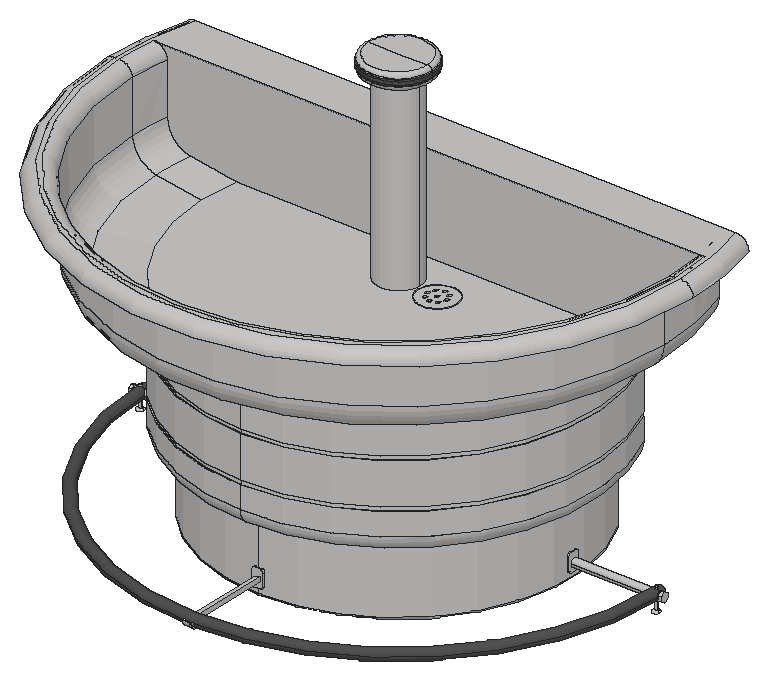
Revit family "Washfountain_Lavatory-Bradley_Corp-WF2704-Type_A_Drain", category Plumbing Fixtures, Revit 2012
Parameters
  Width = 54.000"
  Warranty Information = ""
  WFU = 0
  Voltage = 24 V
  Version = "2.0"
  Vent Radius = Vent / 2  # 3/4"
  Vent = 1 1/2"
  URL = "http://www.bradleycorp.com/"
  Towel Dispenser Holder [instance] = if((Soap Dispenser), 4.875", 13.375")  # 13.375"
  Towel Dispenser Height [instance] = if((Sensor Module), 54.250", 50.750")  # 50.750"
  TouchTime® Control [instance] = no
  Technical Data = "n/a"
  Vent Height [instance] = if(and(Sensor Module, Soap Dispenser, Towel Dispenser), 70.563", if(and(Sensor Module, Soap Dispenser, No Towel Dispenser), 49.375", if(and(Sensor Module, No Soap Dispenser, No Towel Dispenser), 40.875", if(and(Sensor Module, No Soap Dispenser, Towel Dispenser), 70.563", if(and(No Sensor Module, No Soap Dispenser, No Towel Dispenser), 37.375", if(and(No Sensor Module, No Soap Dispenser, Towel Dispenser), 67.063", if(and(No Sensor Module, Soap Dispenser, No Towel Dispenser), 45.875", 67.063")))))))  # 37.375"
  Spray Head Height = 37.375"
  Specifications URL = "http://www.bradleycorp.com/3partspec"
  Soap Dispenser Holder [instance] = 2.500"  # constant formula
  Soap Dispenser Height [instance] = if((Sensor Module), 49.375", 45.875")  # 45.875"
  Sensor Module Height = 40.875"
  Sensor Module [instance] = not(Foot Control Valve)  # no
  Rim Height = 28.000"
  Product Tech Data URL - Spanish = ""
  Product Tech Data URL - French = ""
  Product Tech Data URL - English = "http://bradleycorp.com/download/2241/2017.pdf"
  Pedestal Material = Metal - Bradley Corp - Stainless Steel - Satin
  Pedestal Height = 19.000"
  Operating Water Pressure Range = "20 - 80 PSI"
  OmniClass Table 23 Title = "Sinks/Lavatories"
  OmniClass Table 23 Number = "23-31 13 00"
  OmniClass Table 21 Title = "Plumbing Fixtures"
  OmniClass Table 21 Number = "21-04 20 10 60"
  No Towel Dispenser [instance] = not(Towel Dispenser)  # yes
  No Soap Dispenser [instance] = not(Soap Dispenser)  # yes
  No Sensor Module [instance] = not(Sensor Module)  # yes
  Modeling Code = ""
  Model = "WF2704"
  Material Note = ""
  MasterFormat Title = "Commercial Lavatories and Sinks"
  MasterFormat Number = "22 42 16"
  Manufacturer = "Bradley Corp"
  Industry Standards = "n/a"
  Hot Lavatory Inlet Secondary Radius = Hot Lavatory Inlet Secondary / 2  # 1/2"
  Hot Lavatory Inlet Secondary = 1"
  Hot Lavatory Inlet Primary Radius = Hot Lavatory Inlet Primary / 2  # 1/2"
  Hot Lavatory Inlet Primary = 1"
  HWFU = 0
  Frequency = 50 Hz
  Foot Control Valve [instance] = not(or(TouchTime® Control, Air Valve Hand Control, Adaptive Infrared Activation Control))  # yes
  Flow Rate = 3.0 GPM
  Fire Rating = "n/a"
  Drain Secondary Radius = Drain Secondary / 2  # 1"
  Drain Secondary = 2"
  Drain Primary Radius = Drain Primary / 2  # 1"
  Drain Height [instance] = 11.625"
  Drain Primary = 2"
  Description = "Washfountain, 54\" Semi Circular with 9\" Deep Bowl"
  Copyright = "This Model Data is Property of Bradley Corporation"
  Cold Lavatory Inlet Secondary Radius = Cold Lavatory Inlet Secondary / 2  # 1/2"
  Cold Lavatory Inlet Secondary = 1"
  Cold Lavatory Inlet Primary Radius = Cold Lavatory Inlet Primary / 2  # 1/2"
  Cold Lavatory Inlet Primary = 1"
  CWFU = 0
  Buy American Act = "No"
  Button Visibility [instance] = or(TouchTime® Control, Air Valve Hand Control)  # no
  Bowl Material [instance] = Metal - Bradley Corp - Stainless Steel - Polished
  Assembly Code = "D2010300"
  Air Valve Hand Control [instance] = no
  Adaptive Infrared Activation Control [instance] = no
  ADA Compliant = "Yes"
  Soap Dispenser [instance] = no
  Towel Dispenser [instance] = no
Reference planes (in)
  plane 1 "Center (Front/Back)": y = 0
  plane 2: z = 0
  plane 3 "Center (Left/Right)": x = 0
  plane 4 "Left": x = -27
  plane 5 "Right": x = 27
  plane 6 "Towel Dispenser": z = 50.75
  plane 7 "Soap Dispenser": z = 45.875
  plane 8 "Sensor Module": z = 40.875
  plane 9 "Spray Head": z = 37.375
  plane 10 "Rim Height": z = 28
  plane 11 "Pedestal Height": z = 19
  plane 12: y = -7.6967
  plane 13: z = 39.875
  plane 14 "Front": y = -34.71749
Forms (in)
  Sweep 1, solid, material "Metal - Bradley Corp - Stainless Steel - Polished" <- "Bowl Material", detail levels medium+fine
    path in 3D
      loop
        arc (27, -7.75, 28) -> (0, 19.25, 28) -> (-27, -7.75, 28) r 27
        arc (-27, -7.75, 28) -> (0, -34.75, 28) -> (27, -7.75, 28) r 27
    profile origin (0, -34.75, 28) x (0, 1, 0) y (0, 0, 1)
      loop
        line (25.0533, -8.88) -> (9.04121, -8.88) -> (4.87331, -8.2735)
        arc (4.87331, -8.2735) -> (3.35689, -7.45153) -> (2.7337, -5.84318) r 2.5
        line (2.7337, -5.84318) -> (2.69252, -1.125)
        arc (2.69252, -1.125) -> (2.36302, -0.3295) -> (1.56752, 0.00011) r 1.125
        line (1.56752, 0.00011) -> (1.15752, 0)
        arc (1.15752, 0) -> (0.36203, -0.3295) -> (0.03252, -1.125) r 1.125
        line (0.03252, -1.125) -> (0.15252, -1.125)
        arc (0.15252, -1.125) -> (0.44688, -0.41436) -> (1.15752, -0.11989) r 1.005
        line (1.15752, -0.11989) -> (1.56752, -0.12025)
        arc (1.56752, -0.12025) -> (2.27817, -0.41461) -> (2.57252, -1.12525) r 1.005
        line (2.57252, -1.12525) -> (2.61371, -5.84475)
        arc (2.61371, -5.84475) -> (3.26665, -7.53063) -> (4.85603, -8.39225) r 2.62
        line (4.85603, -8.39225) -> (9.03252, -9) -> (25.0533, -9) -> (25.0533, -8.88)
  Extrusion 2, void
    sketch origin (0, 0, 28) x (-1, 0, 0) y (0, -1, 0)
      loop
        line (27, -20) -> (27, 0) -> (-27, 0) -> (-27, -20) -> (27, -20)
    from -28 to 9.375
  Sweep 3, solid, material "Metal - Bradley Corp - Stainless Steel - Polished" <- "Bowl Material", detail levels coarse
    path in 3D
      loop
        arc (27, -7.75, 28) -> (0, 19.25, 28) -> (-27, -7.75, 28) r 27
        arc (-27, -7.75, 28) -> (0, -34.75, 28) -> (27, -7.75, 28) r 27
    profile origin (0, -34.75, 28) x (0, 1, 0) y (0, 0, 1)
      loop
        line (0.03243, 0) -> (0.03243, -1.12495) -> (0.15256, -1.12495) -> (0.15256, -0.12) -> (2.57762, -0.12) -> (2.57762, -9) -> (25.0533, -9) -> (25.0533, -8.88) -> (2.69762, -8.88) -> (2.69762, 0) -> (0.03243, 0)
  Revolve 4, solid, material "Metal - Bradley Corp - Stainless Steel - Satin" <- "Pedestal Material", detail levels medium+fine
    sketch origin (0, 0, 0) x (0, 1, 0) y (0, 0, 1)
      loop
        line (-25.69045, 10.34788) -> (-25.61122, 10.34788) -> (-25.61122, 9.97288) -> (-25.69045, 9.97288) -> (-25.69045, 7.88979)
        arc (-25.69045, 7.88979) -> (-25.24205, 6.80727) -> (-24.15954, 6.35887) r 1.53091
        line (-24.15954, 6.35887) -> (-7.6967, 6.35887) -> (-7.6967, 19) -> (-25.69045, 19) -> (-25.69045, 14.53538) -> (-25.60652, 14.53538) -> (-25.60652, 14.16038) -> (-25.69045, 14.16038) -> (-25.69045, 10.34788)
      axis (-7.6967, 19) -> (-7.6967, 6.35887)
    angle from 0 to 360
  Revolve 5, solid, material "Metal - Bradley Corp - Stainless Steel - Satin" <- "Pedestal Material", detail levels coarse
    sketch origin (0, 0, 0) x (0, 1, 0) y (0, 0, 1)
      loop
        line (-25.69045, 19) -> (-25.69045, 6.35887) -> (-7.6967, 6.35887) -> (-7.6967, 19) -> (-25.69045, 19)
      axis (-7.6967, 19) -> (-7.6967, 6.35887)
    angle from 0 to 360
  Revolve 6, solid, material "Metal - Bradley Corp - Stainless Steel - Satin"
    sketch origin (0, 0, 0) x (0, 1, 0) y (0, 0, 1)
      loop
        arc (-23.6285, 0.1416) -> (-23.58703, 0.04147) -> (-23.4869, 0) r 0.1416
        line (-23.4869, 0) -> (-7.6967, 0) -> (-7.6967, 6.35887) -> (-23.41449, 6.35887) -> (-23.41449, 6.04595) -> (-23.6285, 6.04595) -> (-23.6285, 0.1416)
      axis (-7.6967, 6.35887) -> (-7.6967, 0)
    angle from 0 to 360
  Revolve 7, solid, material "Metal - Bradley Corp - Stainless Steel - Satin", detail levels medium+fine
    sketch origin (-3, -7.6967, 37.375) x (1, 0, 0) y (0, 0, 1)
      loop
        arc (0.31013, 0) -> (0.06618, -0.10105) -> (-0.03487, -0.345) r 0.345
        line (-0.03487, -0.345) -> (-0.03487, -0.44471)
        arc (-0.03487, -0.44471) -> (-0.09873, -0.47343) -> (-0.12487, -0.53838) r 0.09375
        line (-0.12487, -0.53838) -> (-0.12487, -0.85088)
        arc (-0.12487, -0.85088) -> (-0.09873, -0.91583) -> (-0.03487, -0.94456) r 0.09375
        line (-0.03487, -0.94456) -> (-0.03487, -1.04463)
        arc (-0.03487, -1.04463) -> (0.06618, -1.28859) -> (0.31013, -1.38963) r 0.345
        line (0.31013, -1.38963) -> (1.00013, -1.38963) -> (1.00013, -18.375) -> (3, -18.375) -> (3, 0) -> (0.31013, 0)
      axis (3, 0) -> (3, -18.375)
    angle from 0 to 360
  Revolve 8, solid, material "Metal - Bradley Corp - Stainless Steel - Satin", detail levels coarse
    sketch origin (-3, -7.6967, 37.375) x (1, 0, 0) y (0, 0, 1)
      loop
        line (-0.12487, -0.44471) -> (-0.12487, -0.94456) -> (0.31085, -1.38963) -> (1.00013, -1.38963) -> (1.00013, -18.375) -> (3, -18.375) -> (3, 0.00012) -> (0.31013, 0.00012) -> (-0.12487, -0.44471)
      axis (3, 0.00012) -> (3, -18.375)
    angle from 0 to 360
  Revolve 9, solid, material "Metal - Bradley Corp - Stainless Steel - Satin", visible <- "Sensor Module", detail levels fine
    sketch origin (-3, -7.6967, 40.875) x (1, 0, 0) y (0, 0, 1)
      loop
        arc (-1.45317, -0.20636) -> (-1.54025, -0.24993) -> (-1.57537, -0.34075) r 0.135
        line (-1.57537, -0.34075) -> (-1.57537, -0.56538) -> (-1.49987, -0.56538) -> (-1.49987, -1.98683)
        arc (-1.49987, -1.98683) -> (-1.48077, -2.08267) -> (-1.42639, -2.16387) r 0.25
        line (-1.42639, -2.16387) -> (-0.82283, -2.76742)
        arc (-0.82283, -2.76742) -> (-0.74182, -2.82142) -> (-0.64632, -2.84038) r 0.25
        line (-0.64632, -2.84038) -> (1.00013, -2.84038) -> (1.00013, -3.5) -> (3, -3.5) -> (3, 0) -> (0.90513, 0) -> (-1.45612, -0.2063)
      axis (3, 0) -> (3, -3.5)
    angle from 0 to 360
  Revolve 10, solid, material "Metal - Bradley Corp - Stainless Steel - Satin", visible <- "Sensor Module", detail levels coarse+medium
    sketch origin (-3, -7.6967, 40.875) x (1, 0, 0) y (0, 0, 1)
      loop
        line (-1.57537, -2.01488) -> (-0.74987, -2.84038) -> (1.00013, -2.84038) -> (1.00013, -3.5) -> (3, -3.5) -> (3, 0) -> (-1.57537, 0) -> (-1.57537, -2.01488)
      axis (3, 0) -> (3, -3.5)
    angle from 0 to 360
  Revolve 11, solid, material "Metal - Bradley Corp - Stainless Steel - Satin", visible <- "Soap Dispenser", detail levels fine
    sketch origin (-3, -7.6967, 45.875) x (1, 0, 0) y (0, 0, 1)
      loop
        line (-3.01408, -1.64235) -> (-2.98301, -1.64235) -> (-2.98301, -2.89235) -> (-2.93039, -2.89235) -> (-2.93039, -4.14235) -> (-2.87777, -4.14235) -> (-2.87777, -5.39235) -> (-2.81, -5.39235) -> (-2.81, -6) -> (3, -6) -> (3, 0) -> (-1.15684, 0)
        arc (-1.15684, 0) -> (-2.16098, -0.12055) -> (-3.13971, -0.37529) r 7.48917
        line (-3.13971, -0.37529) -> (-3.13971, -1.00047) -> (-3.01408, -1.00047) -> (-3.01408, -1.64235)
      axis (3, 0) -> (3, -6)
    angle from 360 to 180
  Revolve 12, solid, material "Metal - Bradley Corp - Stainless Steel - Satin", visible <- "Soap Dispenser", detail levels coarse+medium
    sketch origin (-3, -7.6967, 45.875) x (1, 0, 0) y (0, 0, 1)
      loop
        line (-3.13971, -1.00047) -> (-2.81, -6) -> (3, -6) -> (3, -1.00047) -> (-3.13971, -1.00047)
      axis (3, -1.00047) -> (3, -6)
    angle from 360 to 180
  Extrusion 13, solid, material "Metal - Bradley Corp - Stainless Steel - Satin", visible <- "Soap Dispenser", detail levels fine
    sketch origin (-3, -7.6967, 45.875) x (1, 0, 0) y (0, 0, 1)
      loop
        line (-3.01408, -1.64235) -> (-2.98301, -1.64235) -> (-2.98301, -2.89235) -> (-2.93039, -2.89235) -> (-2.93039, -4.14235) -> (-2.87777, -4.14235) -> (-2.87777, -5.39235) -> (-2.81, -5.39235) -> (-2.81, -6) -> (8.81, -6) -> (8.81, -5.39235) -> (8.87777, -5.39235) -> (8.87777, -4.14235) -> (8.93039, -4.14235) -> (8.93039, -2.89235) -> (8.98301, -2.89235) -> (8.98301, -1.64235) -> (9.01408, -1.64235) -> (9.01408, -1.00047) -> (9.13971, -1.00047) -> (9.13971, -0.37529)
        arc (9.13971, -0.37529) -> (8.16098, -0.12055) -> (7.15684, 0) r 7.48917
        line (7.15684, 0) -> (-1.15684, 0)
        arc (-1.15684, 0) -> (-2.16098, -0.12055) -> (-3.13971, -0.37529) r 7.48917
        line (-3.13971, -0.37529) -> (-3.13971, -1.00047) -> (-3.01408, -1.00047) -> (-3.01408, -1.64235)
    from 0 to -2.25
  Extrusion 14, solid, material "Metal - Bradley Corp - Stainless Steel - Satin", visible <- "Soap Dispenser", detail levels coarse+medium
    sketch origin (-3, -7.6967, 45.875) x (1, 0, 0) y (0, 0, 1)
      loop
        line (-3.13971, -1.00047) -> (-2.81, -6) -> (8.81, -6) -> (9.13971, -1.00047) -> (-3.13971, -1.00047)
    from 0 to -2.25
  Extrusion 15, solid, material "Metal - Bradley Corp - Stainless Steel - Satin", visible <- "Towel Dispenser"
    sketch origin (0, 0, 50.75) x (-1, 0, 0) y (0, -1, 0)
      loop
        line (0.06458, 14.08484) -> (-0.06458, 14.08484) -> (-5.56458, 4.55856) -> (-5.5, 4.4467) -> (5.5, 4.4467) -> (5.56458, 4.55856) -> (0.06458, 14.08484)
      loop
        circle (0, 7.6967) r 2
    from 14.62567 to 14.12567
  Extrusion 16, solid, material "Metal - Bradley Corp - Stainless Steel - Satin", visible <- "Towel Dispenser"
    sketch origin (-0.06458, -14.08484, 50.75) x (0, 0, 1) y (-0.866025, -0.5, 0)
      loop
        line (0, 0) -> (15.313, 0) -> (14.62567, 4) -> (1.37502, 4) -> (0, 1.75) -> (0, 0)
    from 0 to -11
  Extrusion 17, solid, material "Metal - Bradley Corp - Stainless Steel - Satin", visible <- "Towel Dispenser"
    sketch origin (5.56458, -4.55856, 50.75) x (0, 0, 1) y (0.866025, -0.5, 0)
      loop
        line (0, 0) -> (15.313, 0) -> (14.62567, 4) -> (1.37502, 4) -> (0, 1.75) -> (0, 0)
    from 0 to -11
  Extrusion 18, solid, material "Metal - Bradley Corp - Stainless Steel - Satin", visible <- "Towel Dispenser"
    sketch origin (0, 0, 50.75) x (-1, 0, 0) y (0, -1, 0)
      loop
        line (0.06458, 14.08484) -> (-0.06458, 14.08484) -> (-5.56458, 4.55856) -> (-5.5, 4.4467) -> (5.5, 4.4467) -> (5.56458, 4.55856) -> (0.06458, 14.08484)
      loop
        circle (0, 7.6967) r 2
    from 1.0786 to 1.5786
  Extrusion 19, solid, material "Metal - Bradley Corp - Stainless Steel - Satin", visible <- "Towel Dispenser"
    sketch origin (0, 0, 50.75) x (-1, 0, 0) y (0, -1, 0)
      loop
        circle (0, 7.6967) r 2
    from -13.375 to 16.313
  Extrusion 20, solid, material "Metal - Bradley Corp - Stainless Steel - Satin", visible <- "Soap Dispenser"
    sketch origin (0, 0, 45.875) x (-1, 0, 0) y (0, -1, 0)
      loop
        circle (0, 7.6967) r 2
    from -6 to -8.5
  Extrusion 21, solid, material "Metal - Bradley Corp - Stainless Steel - Polished", detail levels medium+fine
    sketch origin (0, -0.5533, 28) x (-1, 0, 0) y (0, -1, 0)
      loop
        circle (-4, 7.6967) r 1.75
      loop
        circle (-4, 7.6967) r 0.1842
      loop
        circle (-4, 6.81899) r 0.1842
      loop
        circle (-3.12229, 7.6967) r 0.1842
      loop
        circle (-4, 8.57441) r 0.1842
      loop
        circle (-4.87771, 7.6967) r 0.1842
      loop
        circle (-4.62063, 7.07606) r 0.1842
      loop
        circle (-3.37937, 7.07606) r 0.1842
      loop
        circle (-3.37937, 8.31733) r 0.1842
      loop
        circle (-4.62063, 8.31733) r 0.1842
    from -8.94796 to -8.88
  Extrusion 22, void
    sketch origin (0, -0.5533, 28) x (-1, 0, 0) y (0, -1, 0)
      loop
        circle (-4, 7.6967) r 1.75
    from -9 to -5.94946
  Sweep 23, solid, material "Plastic - Bradley Corp - Black", visible <- "Foot Control Valve"
    path in 3D
      loop
        line (24.00846, -7.1967, 0) -> (24.00846, -7.6967, 0)
        arc (24.00846, -7.6967, 0) -> (0, -31.70516, 0) -> (-24.00846, -7.6967, 0) r 24.00846
        line (-24.00846, -7.6967, 0) -> (-24.00846, -7.1967, 0)
    profile origin (-24.00846, -7.4467, 0) x (-1, 0, 0) y (0, 0, 1)
      loop
        circle (-0.5, 1.42499) r 0.49941
  Extrusion 24, solid, material "Metal - Bradley Corp - Stainless Steel - Satin", visible <- "Foot Control Valve", detail levels medium+fine
    sketch origin (0, 0, 0) x (0, 1, 0) y (0, 0, 1)
      loop
        line (-7.37851, 1.63949) -> (-7.75001, 1.85397) -> (-8.12151, 1.63949) -> (-8.12151, 1.21051) -> (-7.75001, 0.99603) -> (-7.37851, 1.21051) -> (-7.37851, 1.63949)
    from -24.32813 to -24.01563
  Extrusion 25, solid, material "Metal - Bradley Corp - Stainless Steel - Satin", visible <- "Foot Control Valve", detail levels medium+fine
    sketch origin (0, 0, 0) x (0, 1, 0) y (0, 0, 1)
      loop
        line (-7.75001, 1.85397) -> (-8.12151, 1.63948) -> (-8.12151, 1.21051) -> (-7.75001, 0.99603) -> (-7.37851, 1.21051) -> (-7.37851, 1.63949) -> (-7.75001, 1.85397)
    from 24.37923 to 24.04349
  Extrusion 26, solid, material "Metal - Bradley Corp - Stainless Steel - Satin", visible <- "Foot Control Valve", detail levels fine
    sketch origin (0, 0, 0) x (1, 0, 0) y (0, 1, 0)
      loop
        circle (-23.57813, -7.6967) r 0.12
      loop
        circle (23.57813, -7.6967) r 0.12
    from 0.1445 to 1.99999
  Blend 27, solid, material "Metal - Bradley Corp - Stainless Steel - Satin", visible <- "Foot Control Valve", detail levels fine
    base sketch origin (0, 0, 0) x (1, 0, 0) y (0, 1, 0)
      loop
        circle (-23.57813, -7.6967) r 0.12
    top sketch origin (0, 0, 0) x (1, 0, 0) y (0, 1, 0)
      loop
        circle (-23.57813, -7.6967) r 0.327
    from 0.1445 to 0
  Blend 28, solid, material "Metal - Bradley Corp - Stainless Steel - Satin", visible <- "Foot Control Valve", detail levels fine
    base sketch origin (0, 0, 0) x (1, 0, 0) y (0, 1, 0)
      loop
        circle (23.57813, -7.6967) r 0.12
    top sketch origin (0, 0, 0) x (1, 0, 0) y (0, 1, 0)
      loop
        circle (23.57813, -7.6967) r 0.327
    from 0.1445 to 0
  Extrusion 29, solid, material "Metal - Bradley Corp - Stainless Steel - Satin", visible <- "Foot Control Valve"
    sketch origin (0, 0, 0) x (0, 1, 0) y (0, 0, 1)
      loop
        line (-7.25001, 0.921) -> (-7.25001, 2.046)
        arc (-7.25001, 2.046) -> (-7.32323, 2.22278) -> (-7.50001, 2.296) r 0.25
        line (-7.50001, 2.296) -> (-8.00001, 2.296)
        arc (-8.00001, 2.296) -> (-8.17679, 2.22278) -> (-8.25001, 2.046) r 0.25
        line (-8.25001, 2.046) -> (-8.25001, 0.921)
        arc (-8.25001, 0.921) -> (-8.17679, 0.74422) -> (-8.00001, 0.671) r 0.25
        line (-8.00001, 0.671) -> (-7.50001, 0.671)
        arc (-7.50001, 0.671) -> (-7.32323, 0.74422) -> (-7.25001, 0.921) r 0.25
    from -16.06305 to -15.93805
  Extrusion 30, solid, material "Metal - Bradley Corp - Stainless Steel - Satin", visible <- "Foot Control Valve"
    sketch origin (0, 0, 0) x (0, 1, 0) y (0, 0, 1)
      loop
        line (-7.50001, 2.296) -> (-8.00001, 2.296)
        arc (-8.00001, 2.296) -> (-8.17679, 2.22278) -> (-8.25001, 2.046) r 0.25
        line (-8.25001, 2.046) -> (-8.25001, 0.921)
        arc (-8.25001, 0.921) -> (-8.17679, 0.74422) -> (-8.00001, 0.671) r 0.25
        line (-8.00001, 0.671) -> (-7.50001, 0.671)
        arc (-7.50001, 0.671) -> (-7.32323, 0.74422) -> (-7.25001, 0.921) r 0.25
        line (-7.25001, 0.921) -> (-7.25001, 2.046)
        arc (-7.25001, 2.046) -> (-7.32323, 2.22278) -> (-7.50001, 2.296) r 0.25
    from 15.93601 to 16.06263
  Extrusion 31, solid, material "Metal - Bradley Corp - Stainless Steel - Satin", visible <- "Foot Control Valve", detail levels fine
    sketch origin (0, 0, 0) x (0, 1, 0) y (0, 0, 1)
      loop
        arc (-31.70479, 1.42499) -> (-31.75479, 1.47499) -> (-31.80479, 1.42499) r 0.05
        arc (-31.80479, 1.42499) -> (-31.10392, 0.83423) -> (-30.64032, 1.62499) r 0.59941
        line (-30.64032, 1.62499) -> (-30.74777, 1.62499)
        arc (-30.74777, 1.62499) -> (-31.10322, 0.93614) -> (-31.70479, 1.42499) r 0.49941
    from -0.40046 to 0.4
  Extrusion 32, solid, material "Metal - Bradley Corp - Stainless Steel - Satin", visible <- "Foot Control Valve", detail levels fine
    sketch origin (0, 0, 0) x (0, 1, 0) y (0, 0, 1)
      loop
        arc (-30.64032, 1.62499) -> (-30.60597, 1.42499) -> (-30.64032, 1.22499) r 0.59941
        line (-30.64032, 1.22499) -> (-23.7663, 1.22499) -> (-23.7663, 1.62499) -> (-30.64032, 1.62499)
    from -0.2 to 0.2
  Extrusion 33, solid, material "Default", not visible, detail levels fine
    sketch origin (0, 0, 0) x (1, 0, 0) y (0, 1, 0)
      loop
        circle (4, -8.25) r 1
    from 0 to 3
  Extrusion 34, solid, material "Default", not visible, detail levels fine
    sketch origin (-3, -7.6967, 45.875) x (1, 0, 0) y (0, 0, 1)
      loop
        circle (-4.625, -33.875) r 0.5
      loop
        circle (10.625, -33.875) r 0.5
      loop
        line (-0.5, -35.232) -> (-1.5, -35.232) -> (-1.5, -37.232) -> (-0.5, -37.232) -> (-0.5, -35.232)
    from -7.6967 to -5.1967
  Extrusion 35, solid, material "Metal - Bradley Corp - Stainless Steel - Satin", visible <- "Foot Control Valve"
    sketch origin (0, 0, 0) x (0, 1, 0) y (0, 0, 1)
      loop
        circle (-7.75001, 1.425) r 0.36122
    from -24.01563 to -16.06305
  Extrusion 36, solid, material "Metal - Bradley Corp - Stainless Steel - Satin", visible <- "Foot Control Valve"
    sketch origin (0, 0, 0) x (0, 1, 0) y (0, 0, 1)
      loop
        circle (-7.75001, 1.42499) r 0.36122
    from 16.06263 to 24.04349
  Extrusion 37, solid, material "Metal - Bradley Corp - Stainless Steel - Satin", visible <- "Foot Control Valve", detail levels fine
    sketch origin (0, 0, 0) x (1, 0, 0) y (0, 0, 1)
      loop
        line (-0.25, 0.671) -> (0.25, 0.671)
        arc (0.25, 0.671) -> (0.42678, 0.74422) -> (0.5, 0.921) r 0.25
        line (0.5, 0.921) -> (0.5, 2.046)
        arc (0.5, 2.046) -> (0.42678, 2.22278) -> (0.25, 2.296) r 0.25
        line (0.25, 2.296) -> (-0.25, 2.296)
        arc (-0.25, 2.296) -> (-0.42678, 2.22278) -> (-0.5, 2.046) r 0.25
        line (-0.5, 2.046) -> (-0.5, 0.921)
        arc (-0.5, 0.921) -> (-0.42678, 0.74422) -> (-0.25, 0.671) r 0.25
    from 23.6285 to 23.7663
  Extrusion 38, solid, material "Default", not visible, detail levels fine
    sketch origin (0, 0, 0) x (1, 0, 0) y (0, 1, 0)
      loop
        circle (-7.625, -5) r 0.5
      loop
        circle (7.625, -5) r 0.5
    from 0 to 2.5
  Revolve 39, solid, material "Plastic - Bradley Corp - Black", visible <- "Soap Dispenser", detail levels coarse+medium
    sketch origin (-3, -7.6967, 45.875) x (1, 0, 0) y (0, 0, 1)
      loop
        line (-3.20569, 0) -> (-3.13971, -1.00047) -> (3, -1.00047) -> (3, 0) -> (-3.20569, 0)
      axis (3, 0) -> (3, -1.00047)
    angle from 180 to 360
  Extrusion 40, solid, material "Plastic - Bradley Corp - Black", visible <- "Soap Dispenser", detail levels coarse+medium
    sketch origin (-3, -7.6967, 45.875) x (1, 0, 0) y (0, 0, 1)
      loop
        line (-3.20569, 0) -> (-3.13971, -1.00047) -> (9.13971, -1.00047) -> (9.20569, 0) -> (-3.20569, 0)
    from 0 to -2.25
  Extrusion 41, solid, material "Metal - Bradley Corp - Stainless Steel - Polished", visible <- "Button Visibility"
    sketch origin (-3, -7.6967, 40.875) x (1, 0, 0) y (0, 0, 1)
      loop
        circle (3, -1.29013) r 0.5
    from 4.57537 to 4.9755
  Extrusion 42, solid, material "Metal - Bradley Corp - Stainless Steel - Polished", visible <- "Button Visibility", detail levels fine
    sketch origin (-3, -7.6967, 40.875) x (1, 0, 0) y (0, 0, 1)
      loop
        circle (3, -1.29013) r 0.25
    from 4.5 to 4.57537
  Extrusion 43, solid, material "Metal - Bradley Corp - Stainless Steel - Polished" <- "Bowl Material", detail levels coarse
    sketch origin (0, 0, 28) x (-1, 0, 0) y (0, -1, 0)
      loop
        line (24.02952, 4.1185) -> (-24.02952, 4.1185)
        arc (-24.02952, 4.1185) -> (-23.62146, 2.0375) -> (-23.03353, 0) r 24.30238
        line (-23.03353, 0) -> (23.03353, 0)
        arc (23.03353, 0) -> (23.62146, 2.0375) -> (24.02952, 4.1185) r 24.30238
    from -8.88 to 0
  Extrusion 44, solid, material "Metal - Bradley Corp - Stainless Steel - Polished" <- "Bowl Material", detail levels medium+fine
    sketch origin (0, 0, 28) x (-1, 0, 0) y (0, -1, 0)
      loop
        arc (24.41547, 0) -> (25.00013, 2.03749) -> (25.40596, 4.118) r 24.42748
        line (25.40596, 4.118) -> (-25.44441, 4.118)
        arc (-25.44441, 4.118) -> (-25.03859, 2.03749) -> (-24.45393, 0) r 24.42748
        line (-24.45393, 0) -> (24.41547, 0)
    from -8.88 to 0
  Sweep 45, void
    path in 3D
      loop
        arc (27, -7.75, 28) -> (0, 19.25, 28) -> (-27, -7.75, 28) r 27
        arc (-27, -7.75, 28) -> (0, -34.75, 28) -> (27, -7.75, 28) r 27
    profile origin (0, -34.75, 28) x (0, 1, 0) y (0, 0, 1)
      loop
        line (9.05955, -9) -> (9.05955, -8.9433) -> (4.86467, -8.33287)
        arc (4.86467, -8.33287) -> (3.31177, -7.49108) -> (2.6737, -5.84397) r 2.56
        line (2.6737, -5.84397) -> (2.63252, -1.12499)
        arc (2.63252, -1.12499) -> (2.3205, -0.37209) -> (1.56752, -0.05989) r 1.065
        line (1.56752, -0.05989) -> (1.15752, -0.06)
        arc (1.15752, -0.06) -> (0.40445, -0.37193) -> (0.09252, -1.125) r 1.065
        line (0.09252, -1.125) -> (0, -1.125) -> (0, -9) -> (9.05955, -9)
  Extrusion 46, solid, material "Default", not visible, detail levels medium+fine
    sketch origin (0, 0, 0) x (1, 0, 0) y (0, 0, 1)
      loop
        circle (4, 11.625) r 1
    from 0 to 3
Cuts and joins
  Extrusion 2, Extrusion 22 cuts Sweep 1
  Sweep 45 cuts Extrusion 44
  joined: Sweep 1, Extrusion 44
  Extrusion 2, Extrusion 22 cuts Sweep 3
  joined: Sweep 3, Extrusion 43
  Extrusion 2 cuts Revolve 4
  Extrusion 2 cuts Revolve 5
  Extrusion 2 cuts Revolve 6
  joined: Revolve 11, Extrusion 13
  joined: Revolve 12, Extrusion 14
  joined: Extrusion 35, Extrusion 36
  joined: Revolve 39, Extrusion 40
Lines and regions (in)
  Masking region 1, detail levels medium+fine
    outline origin (-3, -7.6967, 37.375) x (1, 0, 0) y (0, 0, 1)
      loop
        arc (0.31013, 0) -> (0.06618, -0.10105) -> (-0.03487, -0.345) r 0.345
        line (-0.03487, -0.345) -> (-0.03487, -0.44471)
        arc (-0.03487, -0.44471) -> (-0.09873, -0.47343) -> (-0.12487, -0.53838) r 0.09375
        line (-0.12487, -0.53838) -> (-0.12487, -0.85088)
        arc (-0.12487, -0.85088) -> (-0.09873, -0.91583) -> (-0.03487, -0.94456) r 0.09375
        line (-0.03487, -0.94456) -> (-0.03487, -1.04463)
        arc (-0.03487, -1.04463) -> (0.06618, -1.28859) -> (0.31013, -1.38963) r 0.345
        line (0.31013, -1.38963) -> (1.00013, -1.38963) -> (1.00013, -9.375) -> (5.00013, -9.375) -> (5.00013, -1.38963) -> (5.68987, -1.38963)
        arc (5.68987, -1.38963) -> (5.93382, -1.28859) -> (6.03487, -1.04463) r 0.345
        line (6.03487, -1.04463) -> (6.03487, -0.94456)
        arc (6.03487, -0.94456) -> (6.09873, -0.91583) -> (6.12487, -0.85088) r 0.09375
        line (6.12487, -0.85088) -> (6.12487, -0.53838)
        arc (6.12487, -0.53838) -> (6.09873, -0.47343) -> (6.03487, -0.44471) r 0.09375
        line (6.03487, -0.44471) -> (6.03487, -0.34463)
        arc (6.03487, -0.34463) -> (5.93382, -0.10105) -> (5.68987, 0) r 0.345
        line (5.68987, 0) -> (0.31013, 0)
  Masking region 2, detail levels coarse
    outline origin (-3, -7.6967, 37.375) x (1, 0, 0) y (0, 0, 1)
      loop
        line (-0.12487, -0.44471) -> (-0.12487, -0.94456) -> (0.31085, -1.38963) -> (1.00013, -1.38963) -> (1.00013, -9.375) -> (5.00013, -9.375) -> (5.00013, -1.38963) -> (5.68915, -1.38963) -> (6.12487, -0.94456) -> (6.12487, -0.44471) -> (5.68999, 0) -> (0.31001, 0) -> (-0.12487, -0.44471)
  Masking region 3, visible <- "Sensor Module", detail levels coarse+medium
    outline origin (-3, -7.6967, 40.875) x (1, 0, 0) y (0, 0, 1)
      loop
        line (-1.57537, 0) -> (-1.57537, -2.01488) -> (-0.74987, -2.84038) -> (1.00013, -2.84038) -> (1.00013, -3.5) -> (4.99987, -3.5) -> (4.99987, -2.84038) -> (6.74987, -2.84038) -> (7.57537, -2.01488) -> (7.57537, 0) -> (-1.57537, 0)
  Masking region 4, visible <- "Sensor Module", detail levels fine
    outline origin (-3, -7.6967, 40.875) x (1, 0, 0) y (0, 0, 1)
      loop
        arc (-1.45317, -0.20636) -> (-1.54025, -0.24993) -> (-1.57537, -0.34075) r 0.135
        line (-1.57537, -0.34075) -> (-1.57537, -0.56538) -> (-1.49987, -0.56538) -> (-1.49987, -1.98683)
        arc (-1.49987, -1.98683) -> (-1.48077, -2.08267) -> (-1.42639, -2.16387) r 0.25
        line (-1.42639, -2.16387) -> (-0.82283, -2.76742)
        arc (-0.82283, -2.76742) -> (-0.74182, -2.82142) -> (-0.64632, -2.84038) r 0.25
        line (-0.64632, -2.84038) -> (1.00013, -2.84038) -> (1.00013, -3.5) -> (4.99987, -3.5) -> (4.99987, -2.84038) -> (6.64632, -2.84038)
        arc (6.64632, -2.84038) -> (6.74182, -2.82142) -> (6.82283, -2.76742) r 0.25
        line (6.82283, -2.76742) -> (7.42639, -2.16387)
        arc (7.42639, -2.16387) -> (7.48077, -2.08267) -> (7.49987, -1.98683) r 0.25
        line (7.49987, -1.98683) -> (7.49987, -0.56538) -> (7.57537, -0.56538) -> (7.57537, -0.34075)
        arc (7.57537, -0.34075) -> (7.54025, -0.24993) -> (7.45317, -0.20636) r 0.135
      loop
        line (7.45612, -0.2063) -> (5.09487, 0) -> (0.90513, 0) -> (-1.45612, -0.2063)
  Masking region 5, visible <- "Soap Dispenser", detail levels coarse+medium
    outline origin (-3, -7.6967, 45.875) x (1, 0, 0) y (0, 0, 1)
      loop
        line (-3.20569, 0) -> (-2.81, -6) -> (8.81, -6) -> (9.20569, 0) -> (-3.20569, 0)
  Masking region 6, visible <- "Soap Dispenser", detail levels fine
    outline origin (-3, -7.6967, 45.875) x (1, 0, 0) y (0, 0, 1)
      loop
        line (-3.01408, -1.64235) -> (-2.98301, -1.64235) -> (-2.98301, -2.89235) -> (-2.93039, -2.89235) -> (-2.93039, -4.14235) -> (-2.87777, -4.14235) -> (-2.87777, -5.39235) -> (-2.81, -5.39235) -> (-2.81, -6) -> (8.81, -6) -> (8.81, -5.39235) -> (8.87777, -5.39235) -> (8.87777, -4.14235) -> (8.93039, -4.14235) -> (8.93039, -2.89235) -> (8.98301, -2.89235) -> (8.98301, -1.64235) -> (9.01408, -1.64235) -> (9.01408, -1.00047) -> (9.13971, -1.00047) -> (9.13971, -0.37529)
        arc (9.13971, -0.37529) -> (8.16098, -0.12055) -> (7.15684, 0) r 7.48917
        line (7.15684, 0) -> (-1.15684, 0)
        arc (-1.15684, 0) -> (-2.16098, -0.12055) -> (-3.13971, -0.37529) r 7.48917
        line (-3.13971, -0.37529) -> (-3.13971, -1.00047) -> (-3.01408, -1.00047) -> (-3.01408, -1.64235)
  Masking region 7, visible <- "Soap Dispenser", detail levels fine
    outline origin (0, -4.6967, 45.875) x (0, -1, 0) y (0, 0, 1)
      loop
        line (9.01313, -1.64235) -> (9.01313, -1.00047) -> (9.13876, -1.00047) -> (9.13876, -0.37529)
        arc (9.13876, -0.37529) -> (8.16002, -0.12055) -> (7.15589, 0) r 7.48917
        line (7.15589, 0) -> (0.75, 0) -> (0.75, -6) -> (8.80905, -6) -> (8.80905, -5.39235) -> (8.87682, -5.39235) -> (8.87682, -4.14235) -> (8.92944, -4.14235) -> (8.92944, -2.89235) -> (8.98206, -2.89235) -> (8.98206, -1.64235) -> (9.01313, -1.64235)
  Masking region 8, visible <- "Soap Dispenser", detail levels coarse+medium
    outline origin (0, -4.6967, 45.875) x (0, -1, 0) y (0, 0, 1)
      loop
        line (0.75, 0) -> (0.75, -6) -> (8.80905, -6) -> (9.20569, 0) -> (0.75, 0)
  Masking region 9, visible <- "Sensor Module", detail levels coarse+medium
    outline origin (0, -4.6967, 40.875) x (0, -1, 0) y (0, 0, 1)
      loop
        line (-1.57537, 0) -> (-1.57537, -2.01488) -> (-0.74987, -2.84038) -> (1, -2.84038) -> (1, -3.5) -> (4.99987, -3.5) -> (4.99987, -2.84038) -> (6.74987, -2.84038) -> (7.57537, -2.01488) -> (7.57537, 0) -> (-1.57537, 0)
  Masking region 10, visible <- "Sensor Module", detail levels fine
    outline origin (0, -4.6967, 40.875) x (0, -1, 0) y (0, 0, 1)
      loop
        arc (-1.4533, -0.20636) -> (-1.54038, -0.24993) -> (-1.5755, -0.34075) r 0.135
        line (-1.5755, -0.34075) -> (-1.5755, -0.56538) -> (-1.5, -0.56538) -> (-1.5, -1.98683)
        arc (-1.5, -1.98683) -> (-1.4809, -2.08267) -> (-1.42651, -2.16387) r 0.25
        line (-1.42651, -2.16387) -> (-0.82296, -2.76742)
        arc (-0.82296, -2.76742) -> (-0.74195, -2.82142) -> (-0.64645, -2.84038) r 0.25
        line (-0.64645, -2.84038) -> (1, -2.84038) -> (1, -3.5) -> (4.99987, -3.5) -> (4.99987, -2.84038) -> (6.64645, -2.84038)
        arc (6.64645, -2.84038) -> (6.74195, -2.82142) -> (6.82296, -2.76742) r 0.25
        line (6.82296, -2.76742) -> (7.42651, -2.16387)
        arc (7.42651, -2.16387) -> (7.4809, -2.08267) -> (7.5, -1.98683) r 0.25
        line (7.5, -1.98683) -> (7.5, -0.56538) -> (7.5755, -0.56538) -> (7.5755, -0.34075)
        arc (7.5755, -0.34075) -> (7.54038, -0.24993) -> (7.4533, -0.20636) r 0.135
      loop
        line (7.45625, -0.2063) -> (5.095, 0) -> (0.905, 0) -> (-1.45625, -0.2063)
  Masking region 11, detail levels coarse+medium
    outline origin (0, 0, 0) x (0, 1, 0) y (0, 0, 1)
      loop
        line (-10.82157, 36.93029) -> (-10.82157, 36.43044) -> (-10.38585, 35.98537) -> (-9.6967, 35.98537) -> (-9.6967, 28) -> (-5.6967, 28) -> (-5.6967, 35.98537) -> (-5.00754, 35.98537) -> (-4.57183, 36.43044) -> (-4.57183, 36.93029) -> (-5.0067, 37.375) -> (-10.38669, 37.375) -> (-10.82157, 36.93029)
  Masking region 12, detail levels fine
    outline origin (0, -4.6967, 37.375) x (0, -1, 0) y (0, 0, 1)
      loop
        arc (0.31013, 0) -> (0.06618, -0.10105) -> (-0.03487, -0.345) r 0.345
        line (-0.03487, -0.345) -> (-0.03487, -0.44471)
        arc (-0.03487, -0.44471) -> (-0.09873, -0.47343) -> (-0.12487, -0.53838) r 0.09375
        line (-0.12487, -0.53838) -> (-0.12487, -0.85088)
        arc (-0.12487, -0.85088) -> (-0.09873, -0.91583) -> (-0.03487, -0.94456) r 0.09375
        line (-0.03487, -0.94456) -> (-0.03487, -1.04463)
        arc (-0.03487, -1.04463) -> (0.06618, -1.28859) -> (0.31013, -1.38963) r 0.345
        line (0.31013, -1.38963) -> (1.00013, -1.38963) -> (1.00013, -9.375) -> (5, -9.375) -> (5, -1.38963) -> (5.69029, -1.38963)
        arc (5.69029, -1.38963) -> (5.93424, -1.28859) -> (6.03529, -1.04463) r 0.345
        line (6.03529, -1.04463) -> (6.03487, -0.94456)
        arc (6.03487, -0.94456) -> (6.09873, -0.91583) -> (6.12487, -0.85088) r 0.09375
        line (6.12487, -0.85088) -> (6.12487, -0.53838)
        arc (6.12487, -0.53838) -> (6.09873, -0.47343) -> (6.03487, -0.44471) r 0.09375
        line (6.03487, -0.44471) -> (6.03487, -0.34463)
        arc (6.03487, -0.34463) -> (5.93382, -0.10105) -> (5.68987, 0) r 0.345
        line (5.68987, 0) -> (0.31013, 0)
  Masking region 13, detail levels medium+fine
    outline origin (0, 0, 0) x (1, 0, 0) y (0, 0, 1)
      loop
        line (25.875, 28.00019) -> (-25.875, 28.00019)
        arc (-25.875, 28.00019) -> (-26.6705, 27.6705) -> (-27, 26.875) r 1.125
        line (-27, 26.875) -> (-24.46, 26.875) -> (-24.41882, 22.15525)
        arc (-24.41882, 22.15525) -> (-23.76587, 20.46937) -> (-22.17649, 19.60775) r 2.62
        line (-22.17649, 19.60775) -> (-18, 19) -> (18.00076, 19) -> (22.17649, 19.60764)
        arc (22.17649, 19.60764) -> (23.76587, 20.46926) -> (24.41882, 22.15514) r 2.62
        line (24.41882, 22.15514) -> (24.46, 26.87489) -> (27, 26.87489)
        arc (27, 26.87489) -> (26.6705, 27.67039) -> (25.875, 28.00019) r 1.125
  Masking region 14, detail levels coarse
    outline origin (0, 0, 0) x (1, 0, 0) y (0, 0, 1)
      loop
        line (-27, 26.87505) -> (-24.42238, 26.87505) -> (-24.42238, 19) -> (24.42238, 19) -> (24.42238, 26.87505) -> (27, 26.87505) -> (27, 28) -> (-27, 28) -> (-27, 26.87505)
  Masking region 15, detail levels medium+fine
    outline origin (-3, -7.6967, 45.875) x (1, 0, 0) y (0, 0, 1)
      loop
        line (20.99796, -35.57813) -> (20.99796, -31.76563) -> (20.91403, -31.76563) -> (20.91403, -31.39063) -> (20.99796, -31.39063) -> (20.99796, -26.875) -> (-15, -26.875) -> (-15, -31.39063) -> (-14.91607, -31.39063) -> (-14.91607, -31.76563) -> (-15, -31.76563) -> (-15, -35.57813) -> (-14.92077, -35.57813) -> (-14.92077, -35.95313) -> (-15, -35.95313) -> (-15, -37.98521)
        arc (-15, -37.98521) -> (-14.55161, -39.06773) -> (-13.46909, -39.51613) r 1.53091
        line (-13.46909, -39.51613) -> (-12.72404, -39.51613) -> (-12.72404, -39.82905) -> (-12.93805, -39.82905) -> (-12.93805, -45.74212)
        arc (-12.93805, -45.74212) -> (-12.89061, -45.84471) -> (-12.78172, -45.875) r 0.13464
        line (-12.78172, -45.875) -> (18.77968, -45.875)
        arc (18.77968, -45.875) -> (18.88857, -45.84471) -> (18.93601, -45.74212) r 0.13464
        line (18.93601, -45.74212) -> (18.93601, -39.82905) -> (18.722, -39.82905) -> (18.722, -39.51613) -> (19.46705, -39.51613)
        arc (19.46705, -39.51613) -> (20.54956, -39.06773) -> (20.99796, -37.98521) r 1.53091
        line (20.99796, -37.98521) -> (20.99796, -35.95313) -> (20.91873, -35.95313) -> (20.91873, -35.57813) -> (20.99796, -35.57813)
  Masking region 16, detail levels coarse
    outline origin (-3, -7.6967, 45.875) x (1, 0, 0) y (0, 0, 1)
      loop
        line (-15, -39.51613) -> (-12.93805, -39.51613) -> (-12.93805, -45.875) -> (18.93763, -45.875) -> (18.93763, -39.51612) -> (21, -39.51612) -> (21, -26.875) -> (-15, -26.875) -> (-15, -39.51613)
  Masking region 17, detail levels medium+fine
    outline origin (0, 0, 0) x (0, 1, 0) y (0, 0, 1)
      loop
        line (0, 19) -> (0, 28) -> (-33.59249, 28)
        arc (-33.59249, 28) -> (-34.38798, 27.6705) -> (-34.71749, 26.875) r 1.125
        line (-34.71749, 26.875) -> (-32.17749, 26.875) -> (-32.1363, 22.15525)
        arc (-32.1363, 22.15525) -> (-31.48336, 20.46937) -> (-29.89398, 19.60775) r 2.62
        line (-29.89398, 19.60775) -> (-25.71749, 19) -> (0, 19)
  Masking region 18, detail levels coarse
    outline origin (0, 0, 0) x (0, 1, 0) y (0, 0, 1)
      loop
        line (0, 28) -> (-34.71748, 28) -> (-34.71748, 26.875) -> (-32.17238, 26.875) -> (-32.17238, 19) -> (0, 19) -> (0, 28)
  Masking region 19, detail levels coarse
    outline origin (0, 0, 0) x (0, 1, 0) y (0, 0, 1)
      loop
        line (-25.69045, 19) -> (-25.69045, 6.35888) -> (-23.6285, 6.35888) -> (-23.6285, 0) -> (0, 0) -> (0, 19) -> (-25.69045, 19)
  Masking region 20, detail levels medium+fine
    outline origin (0, 0, 0) x (0, 1, 0) y (0, 0, 1)
      loop
        line (-25.69045, 10.29687) -> (-25.61122, 10.29687) -> (-25.61122, 9.92187) -> (-25.69045, 9.92187) -> (-25.69045, 7.88979)
        arc (-25.69045, 7.88979) -> (-25.24205, 6.80727) -> (-24.15954, 6.35887) r 1.53091
        line (-24.15954, 6.35887) -> (-23.41449, 6.35887) -> (-23.41449, 6.04595) -> (-23.6285, 6.04595) -> (-23.6285, 0.14849)
        arc (-23.6285, 0.14849) -> (-23.58797, 0.04378) -> (-23.48458, 0) r 0.144
        line (-23.48458, 0) -> (0, 0) -> (0, 19) -> (-25.69045, 19) -> (-25.69045, 14.48437) -> (-25.60652, 14.48437) -> (-25.60652, 14.10937) -> (-25.69045, 14.10937) -> (-25.69045, 10.29687)
  Split face 1
    outline origin (-1.58013, -14.95984, 50.75) x (-0.73896, -0.426639, 0.521456) y (-0.5, 0.866025, 0)
      loop
        line (2.06845, 1.5) -> (2.06845, 9.5)
        arc (2.06845, 9.5) -> (1.31845, 10.25) -> (0.56845, 9.5) r 0.75
        line (0.56845, 9.5) -> (0.56845, 1.5)
        arc (0.56845, 1.5) -> (1.31845, 0.75) -> (2.06845, 1.5) r 0.75
  Split face 2
    outline origin (7.08013, -5.43356, 50.75) x (0.73896, -0.426639, 0.521456) y (-0.5, -0.866025, 0)
      loop
        arc (2.06845, 9.5) -> (1.31845, 10.25) -> (0.56845, 9.5) r 0.75
        line (0.56845, 9.5) -> (0.56845, 1.5)
        arc (0.56845, 1.5) -> (1.31845, 0.75) -> (2.06845, 1.5) r 0.75
        line (2.06845, 1.5) -> (2.06845, 9.5)
  Masking region 21, visible <- "Towel Dispenser"
    outline origin (-3, -7.6967, 45.875) x (1, 0, 0) y (0, 0, 1)
      loop
        line (1, 4.875) -> (1, -8.5) -> (5.00013, -8.5) -> (5.00013, 4.875) -> (1, 4.875)
  Masking region 22, visible <- "Soap Dispenser"
    outline origin (-3, -7.6967, 45.875) x (1, 0, 0) y (0, 0, 1)
      loop
        line (1, -6) -> (1, -8.5) -> (5.00013, -8.5) -> (5.00013, -6) -> (1, -6)
  Masking region 23, visible <- "Soap Dispenser"
    outline origin (0, 0, 0) x (0, 1, 0) y (0, 0, 1)
      loop
        line (-5.6967, 37.375) -> (-5.6967, 39.875) -> (-9.6967, 39.875) -> (-9.6967, 37.375) -> (-5.6967, 37.375)
  Masking region 24, visible <- "Towel Dispenser"
    outline origin (0, 0, 0) x (0, 1, 0) y (0, 0, 1)
      loop
        line (-5.6967, 50.75) -> (-9.6967, 50.75) -> (-9.6967, 37.375) -> (-5.6967, 37.375) -> (-5.6967, 50.75)
  Masking region 25, visible <- "Towel Dispenser"
    outline origin (0, -4.6967, 50.75) x (0, -1, 0) y (0, 0, 1)
      loop
        line (-4.25, 14.62567) -> (-4.25, 1.37502) -> (-2, 0) -> (10.26314, 0) -> (11.38814, 1.37502) -> (11.38814, 14.62567) -> (9.38814, 15.313) -> (5, 15.313) -> (5, 16.313) -> (1, 16.313) -> (1, 15.313) -> (-0.25, 15.313) -> (-4.25, 14.62567)
  Masking region 26, visible <- "Towel Dispenser"
    outline origin (-3, -7.6967, 50.75) x (1, 0, 0) y (0, 0, 1)
      loop
        line (-6.02868, 14.62567) -> (-6.02868, 1.37502) -> (-4.08013, 0) -> (1, 0) -> (5.00013, 0) -> (10.08013, 0) -> (12.02868, 1.37502) -> (12.02868, 14.62567) -> (8.56458, 15.313) -> (5, 15.313) -> (5, 16.313) -> (1, 16.313) -> (1, 15.313) -> (-2.56458, 15.313) -> (-6.02868, 14.62567)
  Masking region 27, visible <- "Foot Control Valve"
    outline origin (1.5, -36.21749, 0) x (-1, 0, 0) y (0, 0, 1)
      loop
        line (25.00846, 1.9244) -> (-22.00846, 1.9244)
        arc (-22.00846, 1.9244) -> (-22.50787, 1.42499) -> (-22.00846, 0.92558) r 0.49941
        line (-22.00846, 0.92558) -> (1.1, 0.92558) -> (1.90046, 0.92558) -> (25.00846, 0.92558)
        arc (25.00846, 0.92558) -> (25.50787, 1.42499) -> (25.00846, 1.9244) r 0.49941
  Masking region 28, visible <- "Foot Control Valve", detail levels fine
    outline origin (0, 0, 0) x (1, 0, 0) y (0, 0, 1)
      loop
        line (-16.06305, 2.296) -> (-16.06305, 0.671) -> (-15.93805, 0.671) -> (-15.93805, 2.296) -> (-16.06305, 2.296)
      loop
        line (-23.45813, 1.92186) -> (-23.45813, 1.99999) -> (-23.69813, 1.99999) -> (-23.69813, 1.88698)
        arc (-23.69813, 1.88698) -> (-23.58028, 1.91921) -> (-23.45813, 1.92186) r 0.49941
      loop
        line (-24.01563, 1.7965) -> (-24.01563, 1.85397) -> (-24.32813, 1.85397) -> (-24.32813, 0.99603) -> (-24.01563, 0.99603) -> (-24.01563, 1.0535) -> (-23.84223, 1.0535)
        arc (-23.84223, 1.0535) -> (-24.00787, 1.425) -> (-23.84221, 1.7965) r 0.49941
        line (-23.84221, 1.7965) -> (-24.01563, 1.7965)
      loop
        line (-23.45813, 0.1445) -> (-23.45813, 0.92813)
        arc (-23.45813, 0.92813) -> (-23.58028, 0.93078) -> (-23.69813, 0.963) r 0.49941
        line (-23.69813, 0.963) -> (-23.69813, 0.1445) -> (-23.90513, 0) -> (-23.25113, 0) -> (-23.45813, 0.1445)
      loop
        line (16.06263, 2.296) -> (15.93763, 2.296) -> (15.93763, 0.671) -> (16.06263, 0.671) -> (16.06263, 2.296)
      loop
        arc (23.45813, 1.92186) -> (23.58028, 1.91921) -> (23.69813, 1.88698) r 0.49941
        line (23.69813, 1.88698) -> (23.69813, 1.99999) -> (23.45813, 1.99999) -> (23.45813, 1.92186)
      loop
        line (24.04349, 1.85397) -> (24.04349, 1.79649) -> (23.84222, 1.79649)
        arc (23.84222, 1.79649) -> (24.00787, 1.42499) -> (23.84222, 1.05349) r 0.49941
        line (23.84222, 1.05349) -> (24.04349, 1.05349) -> (24.04349, 0.99603) -> (24.37923, 0.99603) -> (24.37923, 1.85397) -> (24.04349, 1.85397)
      loop
        arc (23.69813, 0.963) -> (23.58028, 0.93078) -> (23.45813, 0.92813) r 0.49941
        line (23.45813, 0.92813) -> (23.45813, 0.1445) -> (23.25113, 0) -> (23.90513, 0) -> (23.69813, 0.1445) -> (23.69813, 0.963)
  Masking region 29, visible <- "Foot Control Valve"
    outline origin (0, 0, 0) x (0, 1, 0) y (0, 0, 1)
      loop
        line (-7.1967, 1.9244) -> (-31.20538, 1.9244)
        arc (-31.20538, 1.9244) -> (-31.70479, 1.42499) -> (-31.20538, 0.92558) r 0.49941
        line (-31.20538, 0.92558) -> (-7.1967, 0.92558) -> (-7.1967, 1.9244)
  Masking region 30, visible <- "Foot Control Valve", detail levels fine
    outline origin (0, 0, 0) x (0, 1, 0) y (0, 0, 1)
      loop
        line (-7.75001, 1.85397) -> (-8.12151, 1.63948) -> (-8.12151, 1.21051) -> (-7.75001, 0.99603) -> (-7.37851, 1.21051) -> (-7.37851, 1.63949) -> (-7.75001, 1.85397)
      loop
        line (-7.5767, 0.671) -> (-7.50111, 0.671)
        arc (-7.50111, 0.671) -> (-7.32224, 0.74577) -> (-7.24977, 0.92558) r 0.25136
        line (-7.24977, 0.92558) -> (-8.25018, 0.92558)
        arc (-8.25018, 0.92558) -> (-8.17772, 0.74577) -> (-7.99885, 0.671) r 0.25136
        line (-7.99885, 0.671) -> (-7.8167, 0.671) -> (-7.8167, 0.1445) -> (-8.02306, 0) -> (-7.37033, 0) -> (-7.5767, 0.1445) -> (-7.5767, 0.671)
      loop
        arc (-31.70479, 1.42499) -> (-31.75479, 1.47499) -> (-31.80479, 1.42499) r 0.05
        arc (-31.80479, 1.42499) -> (-31.48875, 0.89679) -> (-30.8739, 0.92558) r 0.59941
        line (-30.8739, 0.92558) -> (-31.20538, 0.92558)
        arc (-31.20538, 0.92558) -> (-31.55851, 1.07186) -> (-31.70479, 1.42499) r 0.49941
      loop
        arc (-7.25001, 2.046) -> (-7.32323, 2.22278) -> (-7.50001, 2.296) r 0.25
        line (-7.50001, 2.296) -> (-8.00001, 2.296)
        arc (-8.00001, 2.296) -> (-8.17679, 2.22278) -> (-8.25001, 2.046) r 0.25
        line (-8.25001, 2.046) -> (-8.25001, 1.9244) -> (-7.25001, 1.9244) -> (-7.25001, 2.046)
      loop
        line (-23.6285, 2.296) -> (-23.7663, 2.296) -> (-23.7663, 1.9244) -> (-23.6285, 1.9244) -> (-23.6285, 2.296)
      loop
        line (-23.7663, 0.671) -> (-23.6285, 0.671) -> (-23.6285, 0.92558) -> (-23.7663, 0.92558) -> (-23.7663, 0.671)
  Masking region 31, visible <- "Foot Control Valve", detail levels fine
    outline origin (1.5, -36.21749, 0) x (-1, 0, 0) y (0, 0, 1)
      loop
        line (1.90046, 1.47499) -> (1.1, 1.47499) -> (1.1, 0.92558) -> (0.9999, 0.92558)
        arc (0.9999, 0.92558) -> (1.07328, 0.74841) -> (1.25046, 0.67502) r 0.25056
        line (1.25046, 0.67502) -> (1.74917, 0.67502)
        arc (1.74917, 0.67502) -> (1.92672, 0.74857) -> (2.00026, 0.92611) r 0.25108
        line (2.00026, 0.92611) -> (1.90046, 0.92611) -> (1.90046, 1.47499)
      loop
        line (2, 1.9244) -> (2, 2.046)
        arc (2, 2.046) -> (1.92678, 2.22278) -> (1.75, 2.296) r 0.25
        line (1.75, 2.296) -> (1.25, 2.296)
        arc (1.25, 2.296) -> (1.07322, 2.22278) -> (1, 2.046) r 0.25
        line (1, 2.046) -> (1, 1.9244) -> (2, 1.9244)
  Masking region 32
    outline origin (0, 0, 28) x (-1, 0, 0) y (0, -1, 0)
      loop
        arc (25.86383, 0) -> (0, 34.75) -> (-25.86383, 0) r 27
        line (-25.86383, 0) -> (25.86383, 0)
  Masking region 33, visible <- "Towel Dispenser"
    outline origin (0, 0, 50.75) x (-1, 0, 0) y (0, -1, 0)
      loop
        line (9.02868, 6.55856) -> (3.52868, 16.08484) -> (0.06458, 14.08484) -> (-0.06458, 14.08484) -> (-3.52868, 16.08484) -> (-9.02868, 6.55856) -> (-5.56458, 4.55856) -> (-5.5, 4.4467) -> (5.5, 4.4467) -> (5.56458, 4.55856) -> (9.02868, 6.55856)
  Masking region 34, visible <- "Soap Dispenser"
    outline origin (0, 0, 45.875) x (-1, 0, 0) y (0, -1, 0)
      loop
        line (6.20569, 5.4467) -> (6.20569, 7.6967)
        arc (6.20569, 7.6967) -> (0, 13.90239) -> (-6.20569, 7.6967) r 6.20569
        line (-6.20569, 7.6967) -> (-6.20569, 5.4467) -> (6.20569, 5.4467)
  Masking region 35, visible <- "Sensor Module"
    outline origin (0, 0, 40.875) x (-1, 0, 0) y (0, -1, 0)
      loop
        circle (0, 7.6967) r 4.57537
  Masking region 36
    outline origin (0, 0, 37.375) x (-1, 0, 0) y (0, -1, 0)
      loop
        circle (0, 7.6967) r 3.12487
  Split face 3
    outline origin (-6.01408, -5.4467, 44.23265) x (0, 0, 1) y (1, 0, 0)
      loop
        line (0.64189, 12.02816) -> (0.64189, 0)
  Masking region 37, visible <- "Button Visibility"
    outline origin (0, -4.6967, 40.875) x (0, -1, 0) y (0, 0, 1)
      loop
        line (7.9755, -0.79013) -> (7.57537, -0.79013) -> (7.57537, -1.79013) -> (7.9755, -1.79013) -> (7.9755, -0.79013)
  Masking region 38, visible <- "Button Visibility", detail levels fine
    outline origin (0, -4.6967, 40.875) x (0, -1, 0) y (0, 0, 1)
      loop
        line (7.5, -1.04013) -> (7.5, -1.54013) -> (7.57537, -1.54013) -> (7.57537, -1.04013) -> (7.5, -1.04013)
  reference lines
    curve 1: line (-3, 0, 28) -> (3, 0, 28)
    curve 2: line (0, 3, 28) -> (0, -3, 28)
    curve 3: line (-3, -7.6967, 37.375) -> (3, -7.6967, 37.375)
    curve 4: line (0, -4.6967, 37.375) -> (0, -10.6967, 37.375)
    curve 5: line (-3, -7.6967, 40.875) -> (3, -7.6967, 40.875)
    curve 6: line (0, -4.6967, 40.875) -> (0, -10.6967, 40.875)
    curve 7: line (-3, -7.6967, 45.875) -> (3, -7.6967, 45.875)
    curve 8: line (0, -4.6967, 45.875) -> (0, -10.6967, 45.875)
    curve 9: line (-3, -7.6967, 50.75) -> (3, -7.6967, 50.75)
    curve 10: line (0, -4.6967, 50.75) -> (0, -10.6967, 50.75)
    curve 11: line (0, 3, 19) -> (0, -3, 19)
    curve 12: line (-3, 0, 19) -> (3, 0, 19)
    curve 76: line (-5.56458, -4.55856, 50.75) -> (-0.06458, -14.08484, 50.75)
    curve 77: line (0.06458, -14.08484, 50.75) -> (5.56458, -4.55856, 50.75)
    curve 78: line (5.5, -4.4467, 50.75) -> (-5.5, -4.4467, 50.75)
    curve 122: line (-3, 0, 50.75) -> (3, 0, 50.75)
    curve 136: line (-3, -34.71749, 50.75) -> (3, -34.71749, 50.75)
    curve 163: line (1.5, -36.21749, 0) -> (-1.5, -36.21749, 0)
  model lines, not visible
    curve 13: circle (0, -7.75, 28) r 27 normal (0, 0, 1)
    curve 149: arc (-24.00846, -7.6967, 0) -> (0, -31.70516, 0) -> (24.00846, -7.6967, 0) r 24.00846
    curve 150: line (-24.00846, -7.6967, 0) -> (-24.00846, -7.1967, 0)
    curve 151: line (24.00846, -7.6967, 0) -> (24.00846, -7.1967, 0)
  sketch lines
    curve 14: circle (0, -7.75, 28) r 27 normal (0, 0, 1)
    curve 15: circle (0, -7.75, 28) r 27 normal (0, 0, 1)
    curve 152: line (-24.00846, -7.6967, 0) -> (-24.00846, -7.1967, 0)
    curve 153: arc (-24.00846, -7.6967, 0) -> (0, -31.70516, 0) -> (24.00846, -7.6967, 0) r 24.00846
    curve 154: line (24.00846, -7.6967, 0) -> (24.00846, -7.1967, 0)
    curve 193: circle (0, -7.75, 28) r 27 normal (0, 0, 1)
  symbolic lines, detail levels fine
    curve 16: line (0, 0, 14.48437) -> (0, -25.60652, 14.48437)
    curve 17: line (0, -25.60652, 14.10937) -> (0, 0, 14.10937)
    curve 19: line (0, -25.61122, 10.29687) -> (0, 0, 10.29687)
    curve 20: line (0, -25.61122, 9.92187) -> (0, 0, 9.92187)
    curve 23: line (0, -23.41449, 6.04595) -> (0, 0, 6.04595)
    curve 26: line (15.722, -34.71749, 6.04595) -> (-15.72404, -34.71749, 6.04595)
    curve 27: line (-17.92077, -34.71749, 9.92187) -> (17.91403, -34.71749, 9.92187)
    curve 29: line (-17.92077, -34.71749, 10.29687) -> (17.91403, -34.71749, 10.29687)
    curve 30: line (-17.92077, -34.71749, 14.10937) -> (17.91403, -34.71749, 14.10937)
    curve 32: line (-17.92077, -34.71749, 14.48437) -> (17.91403, -34.71749, 14.48437)
    curve 66: line (0, -34.71749, 0) -> (0, -34.71749, 6.04595)
    curve 67: circle (-2.035, -34.71749, 1.069) r 0.35 normal (0, -1, 0)
    curve 68: circle (-1.023, -34.71749, 5.076) r 0.35 normal (0, -1, 0)
    curve 69: circle (2.035, -34.71749, 1.069) r 0.35 normal (0, 1, 0)
    curve 70: circle (1.023, -34.71749, 5.076) r 0.35 normal (0, 1, 0)
    curve 71: line (0, -7.6967, 0) -> (0, -7.6967, 6.04595)
    curve 72: circle (0, -5.71484, 1.069) r 0.35 normal (1, 0, 0)
    curve 73: circle (0, -6.72684, 5.076) r 0.35 normal (1, 0, 0)
    curve 74: circle (0, -9.67855, 1.069) r 0.35 normal (-1, 0, 0)
    curve 75: circle (0, -8.66655, 5.076) r 0.35 normal (-1, 0, 0)
  symbolic lines, detail levels medium
    curve 18: line (0, 0, 14.31556) -> (0, -25.60652, 14.31556)
    curve 21: line (0, -25.61122, 10.13646) -> (0, 0, 10.13646)
    curve 28: line (17.91403, -34.71749, 10.10937) -> (-17.92077, -34.71749, 10.10937)
    curve 31: line (17.91403, -34.71749, 14.29688) -> (-17.92077, -34.71749, 14.29688)
    curve 35: line (-3.12487, -7.6967, 36.43044) -> (-3.03487, -7.6967, 36.43044)
    curve 37: line (3.03487, -7.6967, 36.43044) -> (3.12487, -7.6967, 36.43044)
    curve 38: line (3.12487, -7.6967, 36.93029) -> (3.03487, -7.6967, 36.93029)
    curve 40: line (-3.03487, -7.6967, 36.93029) -> (-3.12487, -7.6967, 36.93029)
    curve 51: line (0, -4.57183, 36.43044) -> (0, -4.66182, 36.43044)
    curve 53: line (0, -10.72407, 36.43044) -> (0, -10.82157, 36.43044)
    curve 54: line (0, -10.82157, 36.93029) -> (0, -10.73157, 36.93029)
    curve 56: line (0, -4.66182, 36.93029) -> (0, -4.57183, 36.93029)
  symbolic lines
    curve 22: line (0, -23.6285, 6.35887) -> (0, 0, 6.35887)
    curve 24: line (0, -32.1772, 26.87505) -> (0, 0, 26.87505)
    curve 25: line (-15.93805, -34.71749, 6.35887) -> (15.93763, -34.71749, 6.35887)
    curve 33: line (-24.51356, -34.71749, 26.87505) -> (24.51356, -34.71749, 26.87505)
    curve 34: line (-1.99987, -7.6967, 35.98537) -> (2.00013, -7.6967, 35.98537)
    curve 50: line (0, -5.6967, 35.98537) -> (0, -9.6967, 35.98537)
    curve 138: circle (4, -8.25, 28) r 1.75 normal (0, 0, 1)
    curve 164: arc (-23.13587, -7.75244, 28) -> (0, -30.88832, 28) -> (23.13587, -7.75244, 28) r 23.13587
    curve 177: line (-19.50005, -4.11784, 28) -> (19.50005, -4.11784, 28)
    curve 178: arc (-19.50005, -4.11784, 28) -> (-22.07053, -5.18232, 28) -> (-23.13587, -7.75244, 28) r 3.63583
    curve 179: arc (19.50005, -4.11784, 28) -> (22.07053, -5.18232, 28) -> (23.13587, -7.75244, 28) r 3.63583
  symbolic lines, detail levels medium+fine
    curve 36: line (-3.03487, -7.6967, 36.43044) -> (3.03487, -7.6967, 36.43044)
    curve 39: line (3.03487, -7.6967, 36.93029) -> (-3.03487, -7.6967, 36.93029)
    curve 52: line (0, -4.66182, 36.43044) -> (0, -10.72407, 36.43044)
    curve 55: line (0, -10.73157, 36.93029) -> (0, -4.66182, 36.93029)
    curve 139: circle (4, -8.25, 28) r 1.25 normal (0, 0, 1)
    curve 140: circle (4, -8.25, 28) r 0.1842 normal (0, 0, 1)
    curve 141: circle (3.12229, -8.25, 28) r 0.1842 normal (0, 0, 1)
    curve 142: circle (3.37937, -7.62937, 28) r 0.1842 normal (0, 0, 1)
    curve 143: circle (4, -7.37229, 28) r 0.1842 normal (0, 0, 1)
